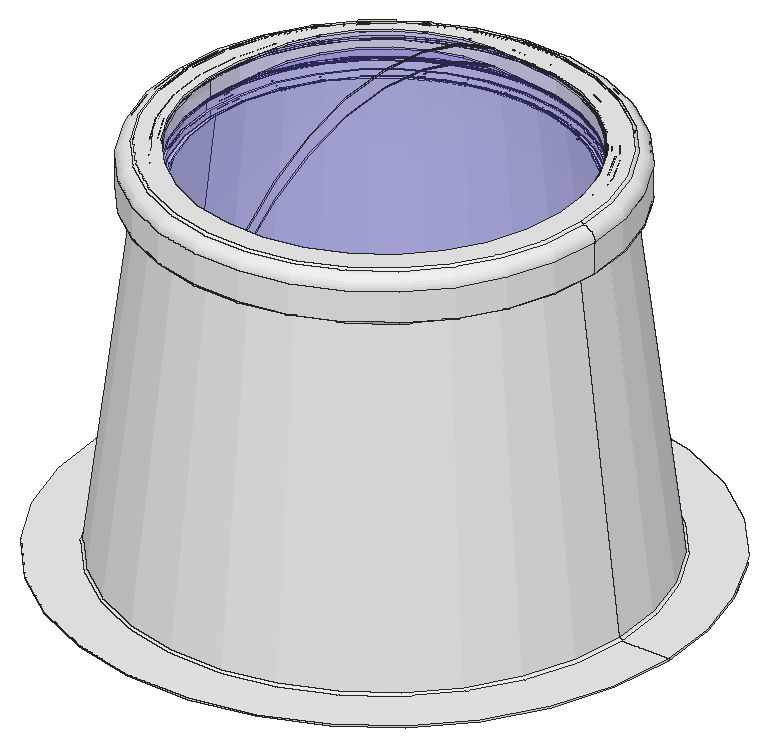
Revit family "Windows_Roof-Windows_Lamilux_F100_Round-Rooflight-Dome_Decke", category Fenster, Revit 2019
Family settings
  Basisbauteil = Geschossdecke
  Immer vertikal = Ja
  Beim Laden mit Abzugskörper schneiden = Ja
  Gemeinsam genutzt = Nein
  Raumberechnungspunkt = Nein
Parameters (values of type "90x70")
  Weight Net (kg) = 0
  Uniformat II Description = ""
  Uniformat II Code = ""
  Uniclass 2015 Name = "Glass unite masonry roof light systems"
  Uniclass 2015 Code = "Ss_30_30_34"
  Uniclass 2.0 Description = "Roof Light Systems"
  Uniclass 2.0 Code = "SS-20-30-74"
  Uniclass 1.4 Description = "Rooflights/Roof windows"
  Uniclass 1.4 Code = "JL11"
  URL = "https://www.lamilux.de/tageslichtsysteme/produkte/lichtkuppel.html#c17014"
  UNSPSC Code = "301516"
  Sound insulation (dB) [instance] = 24  # constant formula
  Single Operator [instance] = and(Operator Visibility, Breite < 1500 mm)  # no
  Secondary Material = Lamilux- Glass
  Rough Height = Höhe  # 700 mm
  Region South America = "All"
  Region Oceania = "All"
  Region North America = "All"
  Region Middle East = "All"
  Region Europe = "All"
  Region Asia = "All"
  Region Antarctica = "All"
  Region Africa = "All"
  QR code = "https://www.bimobject.com/de/lamilux/product/lamilux_f100_round_rooflight_dome"
  Product group = "Flat roof window"
  Product family = "Daylight element"
  Product SKU = "Lamilux_F100_round_rooflight_dome"
  Option 9 = Material : SAN + PC16
  Option 8 = Material : PETG
  Option 7 = Material : SAN
  Option 6 = External Glazing : Heatstop
  Option 5 = External Glazing : Opal
  Option 4 = External Glazing : Clear
  Option 3 = Glazing : Double glazing+PC16
  Option 2 = Glazing : Triple glazing
  Option 17 = Mid Glazing : None
  Option 16 = Mid Glazing : Opal
  Option 15 = Internal Glazing : PC16 opal
  Option 14 = Internal Glazing : PC16 clear
  Option 13 = Internal Glazing : Opal
  Option 12 = Internal Glazing : Clear
  Option 11 = Mid Glazing : Clear
  Option 10 = Material : PETG + PC16
  Option 1 = Glazing : Double glazing
  Operator Visibility [instance] = Opening Type = Opening Types Option 1  # no
  Opening types = "Ventilable, fixed"
  Opening Types Option 1 [instance] = Opening Type : Air Opening
  Opening Type [instance] = Opening Type : Fixed
  OmniClass Description = "Skylights"
  OmniClass Code = "23-17 17 00"
  Nominal width = Breite  # 900 mm
  Nominal hight = Höhe  # 700 mm
  NBS Reference Description = "Roof Light Systems"
  NBS Reference Code = "20-30-74"
  Mid glazing [instance] = Mid Glazing : None
  Material secondary = "Plastic"
  Material Main = "Plastic"
  Material [instance] = Material : SAN
  Masterformat 2014 Description = ""
  Masterformat 2014 Code = ""
  Manufacturer name = "LAMILUX"
  Manufacturer country = "Germany"
  Main Material = Lamilux-White
  Light transmission (%) [instance] = if(and(Glass Type = Option 1, Material = Option 7, External glazing = Option 5, Mid glazing = Option 17, Internal glazing = Option 13), "70", if(and(Glass Type = Option 1, Material = Option 7, External glazing = Option 5, Mid glazing = Option 17, Internal glazing = Option 12), "78", if(and(Glass Type = Option 1, Material = Option 7, External glazing = Option 4, Mid glazing = Option 17, Internal glazing = Option 13), "86", if(and(Glass Type = Option 1, Material = Option 7, External glazing = Option 6, Mid glazing = Option 17, Internal glazing = Option 13), "49", if(and(Glass Type = Option 1, Material = Option 7, External glazing = Option 6, Mid glazing = Option 17, Internal glazing = Option 12), "54", if(and(Glass Type = Option 1, Material = Option 8, External glazing = Option 5, Mid glazing = Option 17, Internal glazing = Option 13), "56", if(and(Glass Type = Option 1, Material = Option 8, External glazing = Option 5, Mid glazing = Option 17, Internal glazing = Option 12), "66", if(and(Glass Type = Option 1, Material = Option 8, External glazing = Option 4, Mid glazing = Option 17, Internal glazing = Option 12), "77", if(and(Glass Type = Option 2, Material = Option 7, External glazing = Option 5, Mid glazing = Option 16, Internal glazing = Option 13), "59", if(and(Glass Type = Option 2, Material = Option 7, External glazing = Option 5, Mid glazing = Option 11, Internal glazing = Option 13), "66", if(and(Glass Type = Option 2, Material = Option 7, External glazing = Option 5, Mid glazing = Option 11, Internal glazing = Option 12), "73", if(and(Glass Type = Option 2, Material = Option 7, External glazing = Option 4, Mid glazing = Option 11, Internal glazing = Option 12), "80", if(and(Glass Type = Option 2, Material = Option 7, External glazing = Option 6, Mid glazing = Option 16, Internal glazing = Option 13), "41", if(and(Glass Type = Option 2, Material = Option 7, External glazing = Option 6, Mid glazing = Option 11, Internal glazing = Option 13), "45", if(and(Glass Type = Option 2, Material = Option 7, External glazing = Option 6, Mid glazing = Option 11, Internal glazing = Option 12), "50", if(and(Glass Type = Option 2, Material = Option 8, External glazing = Option 5, Mid glazing = Option 16, Internal glazing = Option 13), "42", if(and(Glass Type = Option 2, Material = Option 8, External glazing = Option 5, Mid glazing = Option 11, Internal glazing = Option 13), "50", if(and(Glass Type = Option 2, Material = Option 8, External glazing = Option 5, Mid glazing = Option 11, Internal glazing = Option 12), "58", if(and(Glass Type = Option 2, Material = Option 8, External glazing = Option 4, Mid glazing = Option 11, Internal glazing = Option 12), "68", if(and(Glass Type = Option 3, Material = Option 9, External glazing = Option 5, Mid glazing = Option 11, Internal glazing = Option 15), "39", if(and(Glass Type = Option 3, Material = Option 9, External glazing = Option 4, Mid glazing = Option 11, Internal glazing = Option 14), "53", if(and(Glass Type = Option 3, Material = Option 9, External glazing = Option 5, Mid glazing = Option 11, Internal glazing = Option 14), "50", if(and(Glass Type = Option 3, Material = Option 10, External glazing = Option 5, Mid glazing = Option 11, Internal glazing = Option 15), "32", if(and(Glass Type = Option 3, Material = Option 10, External glazing = Option 4, Mid glazing = Option 11, Internal glazing = Option 14), "45", if(and(Glass Type = Option 3, Material = Option 10, External glazing = Option 5, Mid glazing = Option 11, Internal glazing = Option 14), "39", "Not available")))))))))))))))))))))))))  # "78"
  Internal glazing [instance] = Internal Glazing : Clear
  Internal Radius = Breite / 2  # 450 mm
  IFC Classification = "Window"
  Höhe = 700 mm
  Hersteller = "LAMILUX Heinrich Strunz GmbH"
  Heat transmission (W/(m²K)) [instance] = if(and(Glass Type = Option 1, Material = Option 7, External glazing = Option 5, Mid glazing = Option 17, Internal glazing = Option 13), "2.3", if(and(Glass Type = Option 1, Material = Option 7, External glazing = Option 5, Mid glazing = Option 17, Internal glazing = Option 12), "2.3", if(and(Glass Type = Option 1, Material = Option 7, External glazing = Option 4, Mid glazing = Option 17, Internal glazing = Option 13), "2.3", if(and(Glass Type = Option 1, Material = Option 7, External glazing = Option 6, Mid glazing = Option 17, Internal glazing = Option 13), "2.3", if(and(Glass Type = Option 1, Material = Option 7, External glazing = Option 6, Mid glazing = Option 17, Internal glazing = Option 12), "2.3", if(and(Glass Type = Option 1, Material = Option 8, External glazing = Option 5, Mid glazing = Option 17, Internal glazing = Option 13), "2.3", if(and(Glass Type = Option 1, Material = Option 8, External glazing = Option 5, Mid glazing = Option 17, Internal glazing = Option 12), "2.3", if(and(Glass Type = Option 1, Material = Option 8, External glazing = Option 4, Mid glazing = Option 17, Internal glazing = Option 12), "2.3", if(and(Glass Type = Option 2, Material = Option 7, External glazing = Option 5, Mid glazing = Option 16, Internal glazing = Option 13), "1.6", if(and(Glass Type = Option 2, Material = Option 7, External glazing = Option 5, Mid glazing = Option 11, Internal glazing = Option 13), "1.6", if(and(Glass Type = Option 2, Material = Option 7, External glazing = Option 5, Mid glazing = Option 11, Internal glazing = Option 12), "1.6", if(and(Glass Type = Option 2, Material = Option 7, External glazing = Option 4, Mid glazing = Option 11, Internal glazing = Option 12), "1.6", if(and(Glass Type = Option 2, Material = Option 7, External glazing = Option 6, Mid glazing = Option 16, Internal glazing = Option 13), "1.6", if(and(Glass Type = Option 2, Material = Option 7, External glazing = Option 6, Mid glazing = Option 11, Internal glazing = Option 13), "1.6", if(and(Glass Type = Option 2, Material = Option 7, External glazing = Option 6, Mid glazing = Option 11, Internal glazing = Option 12), "1.6", if(and(Glass Type = Option 2, Material = Option 8, External glazing = Option 5, Mid glazing = Option 16, Internal glazing = Option 13), "1.4", if(and(Glass Type = Option 2, Material = Option 8, External glazing = Option 5, Mid glazing = Option 11, Internal glazing = Option 13), "1.4", if(and(Glass Type = Option 2, Material = Option 8, External glazing = Option 5, Mid glazing = Option 11, Internal glazing = Option 12), "1.4", if(and(Glass Type = Option 2, Material = Option 8, External glazing = Option 4, Mid glazing = Option 11, Internal glazing = Option 12), "1.4", if(and(Glass Type = Option 3, Material = Option 9, External glazing = Option 5, Mid glazing = Option 11, Internal glazing = Option 15), "1.2", if(and(Glass Type = Option 3, Material = Option 9, External glazing = Option 4, Mid glazing = Option 11, Internal glazing = Option 14), "1.2", if(and(Glass Type = Option 3, Material = Option 9, External glazing = Option 5, Mid glazing = Option 11, Internal glazing = Option 14), "1.2", if(and(Glass Type = Option 3, Material = Option 10, External glazing = Option 5, Mid glazing = Option 11, Internal glazing = Option 15), "1.3", if(and(Glass Type = Option 3, Material = Option 10, External glazing = Option 4, Mid glazing = Option 11, Internal glazing = Option 14), "1.3", if(and(Glass Type = Option 3, Material = Option 10, External glazing = Option 5, Mid glazing = Option 11, Internal glazing = Option 14), "1.3", "Not available")))))))))))))))))))))))))  # "2.3"
  Glass Type [instance] = Glazing : Double glazing
  External glazing [instance] = External Glazing : Opal
  Energy transmission (%) [instance] = if(and(Glass Type = Option 1, Material = Option 7, External glazing = Option 5, Mid glazing = Option 17, Internal glazing = Option 13), "70", if(and(Glass Type = Option 1, Material = Option 7, External glazing = Option 5, Mid glazing = Option 17, Internal glazing = Option 12), "78", if(and(Glass Type = Option 1, Material = Option 7, External glazing = Option 4, Mid glazing = Option 17, Internal glazing = Option 13), "86", if(and(Glass Type = Option 1, Material = Option 7, External glazing = Option 6, Mid glazing = Option 17, Internal glazing = Option 13), "37", if(and(Glass Type = Option 1, Material = Option 7, External glazing = Option 6, Mid glazing = Option 17, Internal glazing = Option 12), "41", if(and(Glass Type = Option 1, Material = Option 8, External glazing = Option 5, Mid glazing = Option 17, Internal glazing = Option 13), "56", if(and(Glass Type = Option 1, Material = Option 8, External glazing = Option 5, Mid glazing = Option 17, Internal glazing = Option 12), "66", if(and(Glass Type = Option 1, Material = Option 8, External glazing = Option 4, Mid glazing = Option 17, Internal glazing = Option 12), "77", if(and(Glass Type = Option 2, Material = Option 7, External glazing = Option 5, Mid glazing = Option 16, Internal glazing = Option 13), "59", if(and(Glass Type = Option 2, Material = Option 7, External glazing = Option 5, Mid glazing = Option 11, Internal glazing = Option 13), "66", if(and(Glass Type = Option 2, Material = Option 7, External glazing = Option 5, Mid glazing = Option 11, Internal glazing = Option 12), "73", if(and(Glass Type = Option 2, Material = Option 7, External glazing = Option 4, Mid glazing = Option 11, Internal glazing = Option 12), "80", if(and(Glass Type = Option 2, Material = Option 7, External glazing = Option 6, Mid glazing = Option 16, Internal glazing = Option 13), "31", if(and(Glass Type = Option 2, Material = Option 7, External glazing = Option 6, Mid glazing = Option 11, Internal glazing = Option 13), "34", if(and(Glass Type = Option 2, Material = Option 7, External glazing = Option 6, Mid glazing = Option 11, Internal glazing = Option 12), "38", if(and(Glass Type = Option 2, Material = Option 8, External glazing = Option 5, Mid glazing = Option 16, Internal glazing = Option 13), "42", if(and(Glass Type = Option 2, Material = Option 8, External glazing = Option 5, Mid glazing = Option 11, Internal glazing = Option 13), "50", if(and(Glass Type = Option 2, Material = Option 8, External glazing = Option 5, Mid glazing = Option 11, Internal glazing = Option 12), "58", if(and(Glass Type = Option 2, Material = Option 8, External glazing = Option 4, Mid glazing = Option 11, Internal glazing = Option 12), "68", if(and(Glass Type = Option 3, Material = Option 9, External glazing = Option 5, Mid glazing = Option 11, Internal glazing = Option 15), "39", if(and(Glass Type = Option 3, Material = Option 9, External glazing = Option 4, Mid glazing = Option 11, Internal glazing = Option 14), "53", if(and(Glass Type = Option 3, Material = Option 9, External glazing = Option 5, Mid glazing = Option 11, Internal glazing = Option 14), "50", if(and(Glass Type = Option 3, Material = Option 10, External glazing = Option 5, Mid glazing = Option 11, Internal glazing = Option 15), "33", if(and(Glass Type = Option 3, Material = Option 10, External glazing = Option 4, Mid glazing = Option 11, Internal glazing = Option 14), "44", if(and(Glass Type = Option 3, Material = Option 10, External glazing = Option 5, Mid glazing = Option 11, Internal glazing = Option 14), "38", "Not available")))))))))))))))))))))))))  # "78"
  Edition number = "1"
  Double Operator [instance] = and(Operator Visibility, Breite > 1499.9 mm)  # no
  Design country = "Germany"
  Date of publishing = "2020-04-27"
  COBle Type Category = ""
  Building material class [instance] = if(and(Glass Type = Option 1, Material = Option 7, External glazing = Option 5, Mid glazing = Option 17, Internal glazing = Option 13), "B2", if(and(Glass Type = Option 1, Material = Option 7, External glazing = Option 5, Mid glazing = Option 17, Internal glazing = Option 12), "B2", if(and(Glass Type = Option 1, Material = Option 7, External glazing = Option 4, Mid glazing = Option 17, Internal glazing = Option 13), "B2", if(and(Glass Type = Option 1, Material = Option 7, External glazing = Option 6, Mid glazing = Option 17, Internal glazing = Option 13), "B2", if(and(Glass Type = Option 1, Material = Option 7, External glazing = Option 6, Mid glazing = Option 17, Internal glazing = Option 12), "B2", if(and(Glass Type = Option 1, Material = Option 8, External glazing = Option 5, Mid glazing = Option 17, Internal glazing = Option 13), "B1/ B2", if(and(Glass Type = Option 1, Material = Option 8, External glazing = Option 5, Mid glazing = Option 17, Internal glazing = Option 12), "B1", if(and(Glass Type = Option 1, Material = Option 8, External glazing = Option 4, Mid glazing = Option 17, Internal glazing = Option 12), "B1", if(and(Glass Type = Option 2, Material = Option 7, External glazing = Option 5, Mid glazing = Option 16, Internal glazing = Option 13), "B2", if(and(Glass Type = Option 2, Material = Option 7, External glazing = Option 5, Mid glazing = Option 11, Internal glazing = Option 13), "B2", if(and(Glass Type = Option 2, Material = Option 7, External glazing = Option 5, Mid glazing = Option 11, Internal glazing = Option 12), "B2", if(and(Glass Type = Option 2, Material = Option 7, External glazing = Option 4, Mid glazing = Option 11, Internal glazing = Option 12), "B2", if(and(Glass Type = Option 2, Material = Option 7, External glazing = Option 6, Mid glazing = Option 16, Internal glazing = Option 13), "B2", if(and(Glass Type = Option 2, Material = Option 7, External glazing = Option 6, Mid glazing = Option 11, Internal glazing = Option 13), "B2", if(and(Glass Type = Option 2, Material = Option 7, External glazing = Option 6, Mid glazing = Option 11, Internal glazing = Option 12), "B2", if(and(Glass Type = Option 2, Material = Option 8, External glazing = Option 5, Mid glazing = Option 16, Internal glazing = Option 13), "B1/ B2", if(and(Glass Type = Option 2, Material = Option 8, External glazing = Option 5, Mid glazing = Option 11, Internal glazing = Option 13), "B1/ B2", if(and(Glass Type = Option 2, Material = Option 8, External glazing = Option 5, Mid glazing = Option 11, Internal glazing = Option 12), "B1/ B2", if(and(Glass Type = Option 2, Material = Option 8, External glazing = Option 4, Mid glazing = Option 11, Internal glazing = Option 12), "B1/ B2", if(and(Glass Type = Option 3, Material = Option 9, External glazing = Option 5, Mid glazing = Option 11, Internal glazing = Option 15), "B2", if(and(Glass Type = Option 3, Material = Option 9, External glazing = Option 4, Mid glazing = Option 11, Internal glazing = Option 14), "B2", if(and(Glass Type = Option 3, Material = Option 9, External glazing = Option 5, Mid glazing = Option 11, Internal glazing = Option 14), "B2", if(and(Glass Type = Option 3, Material = Option 10, External glazing = Option 5, Mid glazing = Option 11, Internal glazing = Option 15), "B2", if(and(Glass Type = Option 3, Material = Option 10, External glazing = Option 4, Mid glazing = Option 11, Internal glazing = Option 14), "B2", if(and(Glass Type = Option 3, Material = Option 10, External glazing = Option 5, Mid glazing = Option 11, Internal glazing = Option 14), "B2", "Not available")))))))))))))))))))))))))  # "B2"
  Breite = 900 mm
  Brand URL = "https://www.lamilux.de/"
  Baugruppenkennzeichen = "B3020110"
  BIMobject categroy = "Roof Windows"
Types (22, lengths in mm): name | Rough Height | Nominal width | Nominal hight | Internal Radius | Höhe | Breite
  (no name) | 700 | 900 | 700 | 450 | 700 | 900
  100x30 | 300 | 1000 | 300 | 500 | 300 | 1000
  100x50 | 500 | 1000 | 500 | 500 | 500 | 1000
  100x70 | 700 | 1000 | 700 | 500 | 700 | 1000
  120x30 | 300 | 1200 | 300 | 600 | 300 | 1200
  120x50 | 500 | 1200 | 500 | 600 | 500 | 1200
  120x70 | 700 | 1200 | 700 | 600 | 700 | 1200
  150x30 | 300 | 1500 | 300 | 750 | 300 | 1500
  150x50 | 500 | 1500 | 500 | 750 | 500 | 1500
  150x70 | 700 | 1500 | 700 | 750 | 700 | 1500
  180x30 | 300 | 1800 | 300 | 900 | 300 | 1800
  180x50 | 500 | 1800 | 500 | 900 | 500 | 1800
  180x70 | 700 | 1800 | 700 | 900 | 700 | 1800
  60x30 | 300 | 600 | 300 | 300 | 300 | 600
  60x50 | 500 | 600 | 500 | 300 | 500 | 600
  60x70 | 700 | 600 | 700 | 300 | 700 | 600
  80x30 | 300 | 800 | 300 | 400 | 300 | 800
  80x50 | 500 | 800 | 500 | 400 | 500 | 800
  80x70 | 700 | 800 | 700 | 400 | 700 | 800
  90x30 | 300 | 900 | 300 | 450 | 300 | 900
  90x50 | 500 | 900 | 500 | 450 | 500 | 900
  90x70 | 700 | 900 | 700 | 450 | 700 | 900
Reference planes
  plane 1 "Mitte (Vorne/hinten)": y = 0
  plane 2: z = 0
  plane 3 "Mitte (Links/rechts)": x = 0
  plane 4: x = -450
  plane 5: z = 700
Forms (mm)
  Extrusion 1, void
    sketch origin (0, 0, 0) x (1, 0, 0) y (0, 1, 0)
      loop
        circle (0, 0) r 450
    from -479.781 to 245.792
Dimensions and locks
  "Internal Radius": plane 4 to plane 3 "Mitte (Links/rechts)"
  "Höhe": plane 5 to plane 2
  "Internal Radius": plane 3 "Mitte (Links/rechts)" to nested 3
  "Internal Radius": plane 3 "Mitte (Links/rechts)" to nested 4
  "Internal Radius": radius of Extrusion 1 sketch curve
  aligned and locked: level to plane 2
  aligned and locked: plane 3 "Mitte (Links/rechts)" to nested 1
  aligned and locked: plane 1 "Mitte (Vorne/hinten)" to nested 1
  aligned and locked: nested 1 to plane 2
  aligned and locked: plane 4 to nested 2
  aligned and locked: nested 1 to nested 2
Automatic sketch dimensions
  plane 1 "Mitte (Vorne/hinten)" to Extrusion 1 sketch curve = 0 mm
  Extrusion 1 sketch curve to plane 3 "Mitte (Links/rechts)" = 0 mm
Nested families
  nested 1: "Window" at (0, 0, 0), type "Window"
    with Outside radius Glass Outside 568 mm, Outside radius Glass Internal 540 mm, Internal Radius 450 mm, Inside Radius Glass Outside 565 mm, Inside Radius Glass Internal 537 mm, Höhe 700 mm, Glass Radius Up 390 mm, Glass Radius Down 389 mm, Coarse Radius 504 mm
  nested 2: "Operator" at (-450, 0, -0.24), visible <- "Single Operator", type "Operator", detail levels fine
    with Operator hand angle 84.31°, Height 700 mm, H700 yes, H500 no, Angle 82.67°
  nested 3: "Operator" at (-395.795, 214.167, 0) x (0.8746, -0.4848, 0) z (0, 0, 1), visible <- "Double Operator", type "Operator", detail levels fine
    with Operator hand angle 84.31°, Height 700 mm, H700 yes, H500 no, Angle 82.67°
  nested 4: "Operator" at (-402.966, -201.229, 0) x (0.8746, 0.4848, 0) z (0, 0, 1), visible <- "Double Operator", type "Operator", detail levels fine
    with Operator hand angle 84.31°, Height 700 mm, H700 yes, H500 no, Angle 82.67°
Definition of nested family "Window"
  Parameters (values of type "Window")
    Secondary Material = none
    Outside radius Glass Outside = Outside radius Glass Internal + 28 mm  # 898 mm
    Outside radius Glass Internal = if(Internal Radius = 900 mm, Internal Radius + 750 mm, if(Internal Radius = 750 mm, Internal Radius + 380 mm, if(Internal Radius = 600 mm, Internal Radius + 270 mm, if(Internal Radius = 500 mm, Internal Radius + 110 mm, if(Internal Radius = 450 mm, Internal Radius + 90 mm, if(Internal Radius = 400 mm, Internal Radius + 20 mm, Internal Radius))))))  # 870 mm
    Main Material = none
    Internal Radius = 600 mm
    Inside Radius Glass Outside = Outside radius Glass Outside - 3 mm  # 895 mm
    Inside Radius Glass Internal = Outside radius Glass Internal - 3 mm  # 867 mm
    Height = 500 mm
    Glass Radius Up = Internal Radius - 60 mm  # 540 mm
    Glass Radius Down = Internal Radius - 61 mm  # 539 mm
    Coarse Radius = Internal Radius + 54 mm  # 654 mm
    Analytic Construction = "<None>"
  Reference planes
    plane 1 "Center (Front/Back)": y = 0
    plane 2: z = 0
    plane 3 "Center (Left/Right)": x = 0
    plane 4: z = 500
    plane 5: z = 531.72
    plane 6: z = 570.48
    plane 7: z = 564.48
  Forms (mm)
    Sweep 1, solid, material <- "Main Material", detail levels fine
      path origin (0, 0, 0) x (1, 0, 0) y (0, 1, 0)
        loop
          circle (0, 0) r 600
      profile origin (0, 600, 0) x (0, -1, 0) y (0, 0, 1)
        loop
          line (40, 502.48) -> (49, 502.48) -> (49, 497.198) -> (47.75, 497.198) -> (47.75, 496.313)
          arc (47.75, 496.313) -> (47.896, 495.959) -> (48.25, 495.813) r 0.5
          line (48.25, 495.813) -> (50, 495.813)
          arc (50, 495.813) -> (50.354, 495.959) -> (50.5, 496.313) r 0.5
          line (50.5, 496.313) -> (50.5, 502.48) -> (64.5, 502.48) -> (64.5, 496.313)
          arc (64.5, 496.313) -> (64.646, 495.959) -> (65, 495.813) r 0.5
          line (65, 495.813) -> (66.75, 495.813)
          arc (66.75, 495.813) -> (67.104, 495.959) -> (67.25, 496.313) r 0.5
          line (67.25, 496.313) -> (67.25, 497.198) -> (66, 497.198) -> (66, 502.48) -> (75, 502.48) -> (75, 497.198) -> (73.75, 497.198) -> (73.75, 496.313)
          arc (73.75, 496.313) -> (73.896, 495.959) -> (74.25, 495.813) r 0.5
          line (74.25, 495.813) -> (76.5, 495.813)
          arc (76.5, 495.813) -> (76.854, 495.959) -> (77, 496.313) r 0.5
          line (77, 496.313) -> (77, 507.98) -> (73.5, 507.98) -> (73.5, 505.48) -> (69.471, 505.48) -> (69.471, 525.48) -> (74.358, 525.48) -> (76.962, 527.98) -> (76.962, 529.681) -> (75.958, 529.681) -> (75.958, 530.68) -> (60.962, 530.68) -> (60.962, 529.68) -> (60, 529.68) -> (60, 527.28) -> (52.818, 527.28) -> (55.462, 539.72) -> (55.462, 559.104) -> (56.462, 559.104) -> (56.462, 569.48)
          arc (56.462, 569.48) -> (56.608, 569.833) -> (56.962, 569.98) r 0.5
          line (56.962, 569.98) -> (63.747, 569.98) -> (63.747, 568.98) -> (69.75, 568.98) -> (69.75, 569.98) -> (76.462, 569.98) -> (76.462, 572.984) -> (30.207, 572.984)
          arc (30.207, 572.984) -> (27.203, 572.179) -> (25.005, 569.98) r 6.006
          arc (25.005, 569.98) -> (7.326, 562.657) -> (0.003, 544.978) r 25.002
          line (0.003, 544.978) -> (0.003, 485.48)
          arc (0.003, 485.48) -> (1.502, 483.982) -> (3, 485.48) r 1.498
          line (3, 485.48) -> (3, 502.48) -> (38.5, 502.48) -> (38.5, 496.313)
          arc (38.5, 496.313) -> (38.646, 495.959) -> (39, 495.813) r 0.5
          line (39, 495.813) -> (40.75, 495.813)
          arc (40.75, 495.813) -> (41.104, 495.959) -> (41.25, 496.313) r 0.5
          line (41.25, 496.313) -> (41.25, 497.198) -> (40, 497.198) -> (40, 502.48)
        loop
          line (52.962, 539.803) -> (52.962, 559.604) -> (52.962, 569.98) -> (30.212, 569.98)
          arc (30.212, 569.98) -> (28.712, 569.578) -> (27.614, 568.48) r 3
          arc (27.614, 568.48) -> (26.626, 567.445) -> (25.272, 566.98) r 3.026
          arc (25.272, 566.98) -> (9.54, 560.463) -> (3.023, 544.731) r 22.249
          line (3.023, 544.731) -> (3.023, 505.48) -> (66.5, 505.48) -> (66.5, 527.22) -> (63.5, 527.22) -> (63.5, 524.78) -> (49.769, 524.78) -> (52.962, 539.803)
    Extrusion 2, solid, material <- "Main Material", detail levels coarse
      sketch origin (0, 0, 0) x (1, 0, 0) y (0, 1, 0)
        loop
          circle (0, 0) r 654
      from 0 to 570.48
    Sweep 3, solid, material <- "Main Material", detail levels medium
      path origin (0, 0, 0) x (1, 0, 0) y (0, 1, 0)
        loop
          circle (0, 0) r 600
      profile origin (0, 600, 0) x (0, -1, 0) y (0, 0, 1)
        loop
          line (86.177, 500) -> (84.05, 500) -> (79.861, 489.193)
          arc (79.861, 489.193) -> (78.024, 486.875) -> (75.199, 486) r 5
          line (75.199, 486) -> (33.142, 486)
          arc (33.142, 486) -> (30.158, 485.011) -> (28.353, 482.437) r 5
          line (28.353, 482.437) -> (-54.796, 0) -> (0, 0) -> (86.177, 500)
    Sweep 4, solid, material <- "Main Material", detail levels fine
      path origin (0, 0, 0) x (1, 0, 0) y (0, 1, 0)
        loop
          circle (0, 0) r 540
      profile origin (0, 540, 0) x (0, -1, 0) y (0, 0, 1)
        loop
          line (16.462, 565.98) -> (-1.538, 565.98) -> (-1.538, 533.68) -> (16.462, 533.68) -> (16.462, 565.98)
    Revolve 5, solid, material <- "Secondary Material", detail levels fine
      sketch origin (0, 0, 0) x (0, 1, 0) y (0, 0, 1)
        loop
          arc (0, 705.249) -> (274.866, 660.538) -> (521.378, 530.992) r 867
          line (521.378, 530.992) -> (540, 530.992) -> (540, 533.68) -> (522.632, 533.68)
          arc (522.632, 533.68) -> (275.471, 663.255) -> (0, 707.91) r 870
          line (0, 707.91) -> (0, 705.249)
        axis (0, 707.91) -> (0, 530.992)
      angle from 0 to 360
    Revolve 6, solid, material <- "Main Material", detail levels medium
      sketch origin (0, 0, 0) x (0, 1, 0) y (0, 0, 1)
        loop
          line (600, 483.883) -> (600, 545.001)
          arc (600, 545.001) -> (592.682, 562.667) -> (575.016, 569.984) r 24.984
          arc (575.016, 569.984) -> (572.844, 572.141) -> (569.886, 572.929) r 5.941
          line (569.886, 572.929) -> (0, 572.929) -> (0, 483.883) -> (600, 483.883)
        axis (0, 572.929) -> (0, 483.883)
      angle from 0 to 360
    Revolve 7, solid, material <- "Secondary Material", detail levels fine
      sketch origin (0, 0, 0) x (0, 1, 0) y (0, 0, 1)
        loop
          arc (521.753, 568.98) -> (274.969, 698.183) -> (0, 742.766) r 870
          line (0, 742.766) -> (0, 739.699)
          arc (0, 739.699) -> (274.421, 695.129) -> (520.62, 565.98) r 866.868
          line (520.62, 565.98) -> (540, 565.98) -> (540, 568.98) -> (521.753, 568.98)
        axis (0, 742.766) -> (0, 565.98)
      angle from 0 to 360
    Revolve 8, solid, material <- "Main Material", detail levels medium
      sketch origin (0, 0, 0) x (0, 1, 0) y (0, 0, 1)
        loop
          arc (521.753, 568.98) -> (274.969, 698.183) -> (0, 742.766) r 870
          line (0, 742.766) -> (0, 739.699)
          arc (0, 739.699) -> (274.421, 695.129) -> (520.62, 565.98) r 866.868
          line (520.62, 565.98) -> (540, 565.98) -> (540, 568.98) -> (521.753, 568.98)
        axis (0, 742.766) -> (0, 565.98)
      angle from 0 to 360
    Sweep 9, solid, material <- "Main Material", detail levels fine
      path origin (0, 0, 0) x (1, 0, 0) y (0, 1, 0)
        loop
          circle (0, 0) r 600
      profile origin (0, 600, 0) x (0, -1, 0) y (0, 0, 1)
        loop
          line (90, 500) -> (87.873, 500) -> (85.036, 489.675)
          arc (85.036, 489.675) -> (83.246, 487.024) -> (80.215, 486) r 5
          line (80.215, 486) -> (36.793, 486)
          arc (36.793, 486) -> (33.585, 484.836) -> (31.872, 481.886) r 5
          line (31.872, 481.886) -> (-53.412, 8.047)
          arc (-53.412, 8.047) -> (-55.109, 5.111) -> (-58.287, 3.933) r 5
          line (-58.287, 3.933) -> (-157.875, 3) -> (-157.875, 0) -> (0.007, 0) -> (90, 500)
  Dimensions and locks
    "Height": plane 4 to level
    plane 6 to plane 5 to plane 4 = 38.76 mm, 31.72 mm locked
    locked: plane 6 to plane 7 at 6
    locked: Sweep 1 sketch curve to plane 4 at 2.48
    Sweep 4 sketch curve to plane 4 = 33.68 mm
    locked: Sweep 4 sketch curve to Sweep 4 sketch curve at 32.3
    locked: Sweep 4 sketch curve to Sweep 4 sketch curve at 18
    "Glass Radius Up": Revolve 5 sketch curve to Revolve 5 sketch curve
    plane 4 to Revolve 6 sketch curve = 16.117 mm
    "Internal Radius": Revolve 6 sketch curve to plane 1 "Center (Front/Back)"
    locked: Revolve 6 sketch curve to Revolve 6 sketch curve at 89.046
    locked: plane 4 to Revolve 6 at 16.117  (x2)
    locked: Sweep 4 to Revolve 7 sketch curve at 3
    "Glass Radius Up": Revolve 7 sketch curve to plane 1 "Center (Front/Back)"
    locked: Sweep 4 to Revolve 5 sketch curve at 2.688
    "Glass Radius Up": Revolve 8 sketch curve to plane 1 "Center (Front/Back)"
    locked: Sweep 3 sketch curve to Sweep 3 sketch curve at 54
    locked: Sweep 9 sketch curve to profile plane at 157.875
    locked: Sweep 9 sketch curve to Sweep 9 sketch curve at 54
    locked: Sweep 9 sketch curve to plane 4 at 14
    "Internal Radius": radius of Sweep 1 sketch curve
    "Coarse Radius": radius of Extrusion 2 sketch curve
    "Internal Radius": radius of Sweep 3 sketch curve
    radius of Sweep 3 sketch curve = 5 mm  (x2)
    "Glass Radius Up": radius of Sweep 4 sketch curve
    "Inside Radius Glass Internal": radius of Revolve 5 sketch curve
    "Outside radius Glass Internal": radius of Revolve 5 sketch curve
    "Outside radius Glass Internal": radius of Revolve 7 sketch curve
    "Outside radius Glass Internal": radius of Revolve 8 sketch curve
    "Internal Radius": radius of Sweep 9 sketch curve
    radius of Sweep 9 sketch curve = 5 mm  (x2)
    aligned and locked: level to plane 2
    aligned and locked: Extrusion 2 to plane 6
    aligned and locked: Sweep 3 sketch curve to plane 4
    aligned and locked: Sweep 3 sketch curve to Extrusion 2
    aligned and locked: plane 1 "Center (Front/Back)" to Revolve 5 sketch curve  (x2)
    aligned and locked: plane 1 "Center (Front/Back)" to Revolve 6 sketch curve
    aligned and locked: Revolve 6 sketch curve to plane 1 "Center (Front/Back)"
    aligned and locked: Sweep 4 to Revolve 5 sketch curve
    aligned and locked: Revolve 7 sketch curve to plane 1 "Center (Front/Back)"  (x2)
    aligned and locked: plane 4 to Sweep 9 sketch curve
  Automatic sketch dimensions
    Sweep 1 sketch curve to profile plane = 0.003 mm
    Sweep 1 sketch curve to Sweep 1 sketch curve = 1.498 mm
    Sweep 1 sketch curve to Sweep 1 sketch curve = 0.023 mm
    Sweep 1 sketch curve to profile plane = 24.993 mm
    Sweep 1 sketch curve to Sweep 1 sketch curve = 21.982 mm
    Sweep 1 sketch curve to Sweep 1 sketch curve = 0.267 mm
    Sweep 1 sketch curve to Sweep 1 sketch curve = 5.202 mm
    Sweep 1 sketch curve to Sweep 1 sketch curve = 0.005 mm
    Sweep 1 sketch curve to Sweep 1 sketch curve = 35.5 mm
    Sweep 1 sketch curve to Sweep 1 sketch curve = 0.5 mm  (x10)
    Sweep 1 sketch curve to Sweep 1 sketch curve = 1 mm  (x4)
    Sweep 1 sketch curve to Sweep 1 sketch curve = 0.75 mm  (x4)
    Sweep 1 sketch curve to Sweep 1 sketch curve = 6.5 mm  (x2)
    Sweep 1 sketch curve to Sweep 1 sketch curve = 0.769 mm
    Sweep 1 sketch curve to Sweep 1 sketch curve = 1.5 mm  (x3)
    Sweep 1 sketch curve to Sweep 1 sketch curve = 3.049 mm
    Sweep 1 sketch curve to Sweep 1 sketch curve = 22.75 mm
    Sweep 1 sketch curve to Sweep 1 sketch curve = 2.5 mm  (x4)
    Sweep 1 sketch curve to Sweep 1 sketch curve = 3.5 mm  (x2)
    Sweep 1 sketch curve to Sweep 1 sketch curve = 7.182 mm
    Sweep 1 sketch curve to Sweep 1 sketch curve = 0.962 mm
    Sweep 1 sketch curve to Sweep 1 sketch curve = 6.785 mm
    Sweep 1 sketch curve to Sweep 1 sketch curve = 14 mm
    Sweep 1 sketch curve to Sweep 1 sketch curve = 3 mm  (x4)
    Sweep 1 sketch curve to Sweep 1 sketch curve = 2.971 mm
    Sweep 1 sketch curve to Sweep 1 sketch curve = 6.003 mm
    Sweep 1 sketch curve to Sweep 1 sketch curve = 4.029 mm
    Sweep 1 sketch curve to Sweep 1 sketch curve = 4.888 mm
    Sweep 1 sketch curve to Sweep 1 sketch curve = 1.599 mm
    Sweep 1 sketch curve to Sweep 1 sketch curve = 6.712 mm
    Sweep 1 sketch curve to Sweep 1 sketch curve = 1.004 mm
    Sweep 1 sketch curve to Sweep 1 sketch curve = 0 mm  (x3)
    Sweep 1 sketch curve to Sweep 1 sketch curve = 5.281 mm  (x4)
    Sweep 1 sketch curve to Sweep 1 sketch curve = 0.886 mm  (x4)
    Sweep 1 sketch curve to Sweep 1 sketch curve = 17 mm
    Sweep 1 sketch curve to Sweep 1 sketch curve = 22.3 mm
    Sweep 1 sketch curve to Sweep 1 sketch curve = 0.7 mm
    Sweep 1 sketch curve to Sweep 1 sketch curve = 2.44 mm
    Sweep 1 sketch curve to Sweep 1 sketch curve = 2.4 mm
    Sweep 1 sketch curve to Sweep 1 sketch curve = 1.702 mm
    Sweep 1 sketch curve to Sweep 1 sketch curve = 9.123 mm
    Sweep 1 sketch curve to Sweep 1 sketch curve = 39.251 mm
    Sweep 1 sketch curve to Sweep 1 sketch curve = 0.247 mm
    Sweep 1 sketch curve to Sweep 1 sketch curve = 19.301 mm
    Sweep 1 sketch curve to Sweep 1 sketch curve = 0.001 mm  (x2)
    Sweep 1 sketch curve to Sweep 1 sketch curve = 9.876 mm
    Sweep 1 sketch curve to Sweep 1 sketch curve = 0.013 mm
    Sweep 1 sketch curve to Sweep 1 sketch curve = 0.083 mm
    Sweep 3 sketch curve to profile plane = 0 mm
    Sweep 3 sketch curve to Sweep 3 sketch curve = 4.789 mm
    Sweep 3 sketch curve to Sweep 3 sketch curve = 10.978 mm
    Sweep 3 sketch curve to Sweep 3 sketch curve = 4.662 mm
    Sweep 3 sketch curve to Sweep 3 sketch curve = 2.126 mm
    profile plane to Sweep 4 sketch curve = 1.538 mm
    Sweep 3 sketch curve to profile plane = 28.353 mm
    Sweep 3 sketch curve to Sweep 3 sketch curve = 19 mm
    Sweep 9 sketch curve to level = 0 mm
    level to Sweep 9 sketch curve = 8.933 mm
    level to Sweep 9 sketch curve = 3.933 mm
    Sweep 9 sketch curve to Sweep 9 sketch curve = 0.046 mm
    level to Sweep 9 sketch curve = 8.047 mm
    Sweep 9 sketch curve to profile plane = 31.872 mm
    Sweep 9 sketch curve to Sweep 9 sketch curve = 9.785 mm
    Sweep 9 sketch curve to Sweep 9 sketch curve = 4.821 mm
    Sweep 9 sketch curve to Sweep 9 sketch curve = 2.126 mm
    level to Sweep 9 sketch curve = 3 mm
    Sweep 9 sketch curve to Sweep 9 sketch curve = 0.886 mm
    profile plane to Sweep 9 sketch curve = 58.333 mm
    plane 1 "Center (Front/Back)" to Sweep 1 sketch curve = 0 mm
    Sweep 1 sketch curve to plane 3 "Center (Left/Right)" = 0 mm
    plane 1 "Center (Front/Back)" to Extrusion 2 sketch curve = 0 mm
    Extrusion 2 sketch curve to plane 3 "Center (Left/Right)" = 0 mm
    plane 1 "Center (Front/Back)" to Sweep 3 sketch curve = 0 mm
    Sweep 3 sketch curve to plane 3 "Center (Left/Right)" = 0 mm
    plane 1 "Center (Front/Back)" to Sweep 4 sketch curve = 0 mm
    Sweep 4 sketch curve to plane 3 "Center (Left/Right)" = 0 mm
    Revolve 5 sketch curve to plane 1 "Center (Front/Back)" = 0 mm
    Revolve 5 sketch curve to plane 1 "Center (Front/Back)" = 0.038 mm
    Revolve 5 sketch curve to plane 1 "Center (Front/Back)" = 0.325 mm
    Revolve 5 sketch curve to Revolve 5 sketch curve = 18.622 mm
    Revolve 5 sketch curve to Revolve 5 sketch curve = 1.253 mm
    Revolve 5 sketch curve to level = 1.486 mm
    Revolve 5 sketch curve to Revolve 5 sketch curve = 1853.55 mm
    plane 7 to Revolve 6 sketch curve = 2.508 mm
    Revolve 6 sketch curve to Revolve 6 sketch curve = 30.114 mm
    plane 5 to Revolve 6 sketch curve = 13.281 mm
    Revolve 6 sketch curve to level = 520.992 mm
    Revolve 6 sketch curve to Revolve 6 sketch curve = 2368.545 mm
    Revolve 7 sketch curve to plane 1 "Center (Front/Back)" = 0.038 mm  (x2)
    plane 7 to Revolve 7 sketch curve = 1.5 mm
    Revolve 7 sketch curve to Revolve 7 sketch curve = 19.38 mm
    Revolve 7 sketch curve to Revolve 7 sketch curve = 1.133 mm
    Revolve 7 sketch curve to Revolve 7 sketch curve = 0.066 mm
    Revolve 7 sketch curve to Revolve 7 sketch curve = 6.979 mm
    Revolve 7 sketch curve to Revolve 7 sketch curve = 2223.052 mm
    Revolve 8 sketch curve to plane 1 "Center (Front/Back)" = 0 mm  (x2)
    Revolve 8 sketch curve to plane 1 "Center (Front/Back)" = 0.038 mm  (x2)
    plane 7 to Revolve 8 sketch curve = 1.5 mm
    Revolve 8 sketch curve to Revolve 8 sketch curve = 19.38 mm
    Revolve 8 sketch curve to plane 6 = 1.5 mm
    Revolve 8 sketch curve to Revolve 8 sketch curve = 1.133 mm
    Revolve 8 sketch curve to Revolve 8 sketch curve = 0.066 mm
    Revolve 8 sketch curve to Revolve 8 sketch curve = 6.979 mm
    Revolve 8 sketch curve to Revolve 8 sketch curve = 2223.052 mm
    plane 1 "Center (Front/Back)" to Sweep 9 sketch curve = 0 mm
    Sweep 9 sketch curve to plane 3 "Center (Left/Right)" = 0 mm
Definition of nested family "Operator"
  Parameters (values of type "Operator")
    Operator hand angle = if(Height = 300 mm, 73.64°, if(Height = 500 mm, 81.20°, 84.31°))  # 81.20°
    Main Material = none
    Height = 500 mm
    H700 = Height = 700 mm  # no
    H500 = Height = 500 mm  # yes
    H300 = Height = 300 mm  # no
    Angle = if(Height = 300 mm, 72.57°, if(Height = 500 mm, 79.80°, 82.67°))  # 79.80°
  Reference planes
    plane 1 "Center (Front/Back)": y = 0
    plane 2: z = 0
    plane 3 "Center (Left/Right)": x = 0
    plane 4: z = 500
    plane 5: z = 483.02
    plane 6: x = 106
  Forms (mm)
    Extrusion 1, solid, material <- "Main Material"
      sketch origin (0, 0, 0) x (0, 1, 0) y (0, 0, 1)
        loop
          line (4, 478.02) -> (10, 478.02) -> (10, 498.02) -> (25, 498.02) -> (25, 509.02) -> (-25, 509.02) -> (-25, 498.02) -> (-10, 498.02) -> (-10, 478.02) -> (-4, 478.02) -> (-4, 496.52) -> (4, 496.52) -> (4, 478.02)
      from 98 to 114
    Extrusion 2, solid, material <- "Main Material"
      sketch origin (0, 0, 0) x (0, 1, 0) y (0, 0, 1)
        loop
          line (47.436, 525.02) -> (-47.436, 525.02) -> (-47.436, 505.48) -> (-32.206, 505.48) -> (-32.206, 509.02) -> (32.206, 509.02) -> (32.206, 505.48) -> (47.436, 505.48) -> (47.436, 525.02)
      from 67.785 to 98
    Extrusion 3, solid, material <- "Main Material"
      sketch origin (49.478, 0, -2.031) x (1, 0, 0) y (0, 0, 1)
        loop
          circle (56.541, 485.14) r 2.5
      from -12 to 12.22
    Revolve 4, solid, material <- "Main Material"
      sketch origin (106, 0, 483.02) x (0.152986, 0, -0.988228) y (0.988228, 0, 0.152986)
        loop
          line (41.268, 17.5) -> (41.268, 11) -> (38.268, 9) -> (36.118, 9) -> (35.268, 7.5) -> (34.036, 7.5) -> (34.036, 8.7) -> (32.724, 10.972) -> (30.818, 10.972) -> (29.506, 8.7) -> (29.506, 7.5) -> (16.268, 7.5) -> (16.268, 5.8) -> (15.863, 6.5) -> (12.672, 6.5) -> (12.268, 5.8) -> (12.268, 4) -> (6.601, 4) -> (5.958, 3.55) -> (-6.335, 3.55)
          arc (-6.335, 3.55) -> (-7.042, 1.837) -> (-7.287, 0) r 7.174
          line (-7.287, 0) -> (586.03, 0) -> (586.03, 17.5) -> (41.268, 17.5)
        axis (-7.287, 0) -> (586.03, 0)
      angle from 0 to 360
    Sweep 5, solid, material <- "Main Material"
      path origin (106, 0, 483.02) x (0.152986, 0, -0.988228) y (0.988228, 0, 0.152986)
        loop
          line (41.268, 0) -> (586.03, 0)
      profile origin (153.984, 0, 173.063) x (0.988228, 0, 0.152986) y (0, -1, 0)
        loop
          line (-21.752, -19.339) -> (-19.776, -19.339) -> (-19.776, -17.812) -> (-13.109, -17.812) -> (-13.109, -19.339) -> (-11.752, -19.339) -> (-11.752, 19.339) -> (-13.109, 19.339) -> (-13.109, 17.812) -> (-19.776, 17.812) -> (-19.776, 19.339) -> (-21.752, 19.339) -> (-21.752, -19.339)
  Cuts and joins
    joined: Revolve 4, Sweep 5
  Lines and regions (mm)
    reference lines
      curve 1: line (0, 0, 0) -> (84.115, 0, 467.493)
      curve 2: line (106, 0, 483.02) -> (147.306, 0, 216.198)
  Dimensions and locks
    "Height": plane 4 to level
    locked: plane 4 to plane 5 at 16.98
    locked: plane 6 to plane 3 "Center (Left/Right)" at 106
    "Angle": angle level to curve 1
    "Operator hand angle": angle curve 2 to plane 5
    aligned and locked: level to plane 2
    aligned and locked: plane 2 to curve 1
    aligned and locked: plane 3 "Center (Left/Right)" to curve 1
    aligned and locked: plane 5 to curve 2
    aligned and locked: plane 6 to curve 2
    aligned and locked: Revolve 4 sketch curve to curve 2
    aligned and locked: curve 2 to Sweep 5 sketch curve
  Automatic sketch dimensions
    plane 4 to Extrusion 1 sketch curve = 9.02 mm
    plane 1 "Center (Front/Back)" to Extrusion 1 sketch curve = 25 mm
    Extrusion 1 sketch curve to plane 4 = 1.98 mm  (x2)
    plane 1 "Center (Front/Back)" to Extrusion 1 sketch curve = 10 mm
    plane 1 "Center (Front/Back)" to Extrusion 1 sketch curve = 4 mm
    Extrusion 1 sketch curve to plane 1 "Center (Front/Back)" = 4 mm
    Extrusion 1 sketch curve to Extrusion 1 sketch curve = 6 mm
    Extrusion 1 sketch curve to Extrusion 1 sketch curve = 15 mm
    Extrusion 1 sketch curve to plane 4 = 3.48 mm
    plane 5 to Extrusion 1 sketch curve = 5 mm  (x2)
    plane 1 "Center (Front/Back)" to Extrusion 2 sketch curve = 47.436 mm
    Extrusion 2 sketch curve to Extrusion 2 sketch curve = 15.229 mm  (x2)
    plane 4 to Extrusion 2 sketch curve = 9.02 mm
    Extrusion 2 sketch curve to plane 1 "Center (Front/Back)" = 32.206 mm
    plane 4 to Extrusion 2 sketch curve = 5.48 mm  (x2)
    Extrusion 2 sketch curve to Extrusion 2 sketch curve = 19.54 mm
    plane 6 to Extrusion 3 sketch curve = 0.019 mm
    Extrusion 3 sketch curve to plane 5 = 0.089 mm
    Revolve 4 sketch curve to curve 2 = 0 mm  (x3)
    Revolve 4 sketch curve to curve 2 = 7.287 mm
    Revolve 4 sketch curve to curve 2 = 6.335 mm
    curve 2 to Revolve 4 sketch curve = 0.02 mm
    Revolve 4 sketch curve to curve 2 = 0.112 mm
    Revolve 4 sketch curve to Revolve 4 sketch curve = 6.071 mm
    Revolve 4 sketch curve to Revolve 4 sketch curve = 0.643 mm
    Revolve 4 sketch curve to Revolve 4 sketch curve = 5.667 mm
    Revolve 4 sketch curve to curve 2 = 6.5 mm
    Revolve 4 sketch curve to Revolve 4 sketch curve = 0.404 mm  (x2)
    Revolve 4 sketch curve to Revolve 4 sketch curve = 3.192 mm
    Revolve 4 sketch curve to Revolve 4 sketch curve = 13.239 mm
    Revolve 4 sketch curve to Revolve 4 sketch curve = 1.312 mm  (x2)
    Revolve 4 sketch curve to curve 2 = 10.972 mm
    Revolve 4 sketch curve to Revolve 4 sketch curve = 1.906 mm
    Revolve 4 sketch curve to Revolve 4 sketch curve = 1.231 mm
    Revolve 4 sketch curve to Revolve 4 sketch curve = 0.851 mm
    Revolve 4 sketch curve to curve 2 = 9 mm
    Revolve 4 sketch curve to Revolve 4 sketch curve = 2.149 mm
    Revolve 4 sketch curve to Revolve 4 sketch curve = 3 mm
    Revolve 4 sketch curve to Revolve 4 sketch curve = 316.03 mm
    Revolve 4 sketch curve to Revolve 4 sketch curve = 0.45 mm
    Revolve 4 sketch curve to Revolve 4 sketch curve = 0.7 mm  (x2)
    Revolve 4 sketch curve to Revolve 4 sketch curve = 1.5 mm
    Revolve 4 sketch curve to Revolve 4 sketch curve = 1 mm
    Revolve 4 sketch curve to Revolve 4 sketch curve = 1.2 mm  (x2)
    Revolve 4 sketch curve to Revolve 4 sketch curve = 2 mm
    Revolve 4 sketch curve to curve 2 = 17.5 mm
    curve 2 to Sweep 5 sketch curve = 41.268 mm
    curve 2 to Sweep 5 sketch curve = 316.03 mm
    profile plane to Sweep 5 sketch curve = 21.752 mm
    Sweep 5 sketch curve to Sweep 5 sketch curve = 1.975 mm  (x2)
    Sweep 5 sketch curve to Sweep 5 sketch curve = 6.667 mm  (x2)
    Sweep 5 sketch curve to Sweep 5 sketch curve = 1.358 mm
    Sweep 5 sketch curve to profile plane = 19.339 mm
    Sweep 5 sketch curve to Sweep 5 sketch curve = 0 mm
    Sweep 5 sketch curve to Sweep 5 sketch curve = 1.527 mm  (x3)
    profile plane to Sweep 5 sketch curve = 17.812 mm
    radius of Extrusion 3 sketch curve = 2.5 mm
  Nested families
    nested 1: "Support" at (76.501, 0, 425.173) x (0, 1, 0) z (0.9842, 0, -0.1771), visible <- "H700", type "Support"
      with Distance 432 mm
    nested 2: "Support" at (58.792, 0, 326.753) x (0, 1, 0) z (0.9842, 0, -0.1771), visible <- "H500", type "Support"
      with Distance 432 mm
    nested 3: "Support" at (41.084, 0, 228.333) x (0, 1, 0) z (0.9842, 0, -0.1771), visible <- "H300", type "Support"
      with Distance 432 mm
  Definition of nested family "Support"
    Parameters
      Main Material = none
      Distance = 338.418 mm
      Default Elevation = 1219.2 mm
    Reference planes
      plane 1 "Center (Front/Back)": y = 0
      plane 2: z = 0
      plane 3 "Center (Left/Right)": x = 0
      plane 4: x = -30
      plane 5: x = 30
    Forms (mm)
      Extrusion 1, solid
        sketch origin (0, 0, 0) x (1, 0, 0) y (0, 1, 0)
          loop
            line (-1219.2, 1219.2) -> (-1219.2, -1219.2) -> (1219.2, -1219.2) -> (1219.2, 1219.2) -> (-1219.2, 1219.2)
        from 0 to -304.8
      Extrusion 2, solid, material <- "Main Material"
        sketch origin (0, 0, 0) x (0, 1, 0) y (0, 0, 1)
          loop
            line (-102, 3) -> (-102, 0) -> (0, 0) -> (0, 3) -> (-15, 3) -> (-15, 98)
            arc (-15, 98) -> (-26.127, 112.491) -> (-43, 105.484) r 15
            line (-43, 105.484) -> (-102, 3)
          loop
            arc (-35, 20) -> (-31.464, 21.464) -> (-30, 25) r 5
            line (-30, 25) -> (-30, 52.81)
            arc (-30, 52.81) -> (-30.949, 55.741) -> (-33.437, 57.559) r 5
            arc (-33.437, 57.559) -> (-37.546, 60.008) -> (-40.226, 63.969) r 10.992
            arc (-40.226, 63.969) -> (-44.511, 67.122) -> (-49.211, 64.631) r 5
            line (-49.211, 64.631) -> (-70.59, 27.495)
            arc (-70.59, 27.495) -> (-70.586, 22.497) -> (-66.257, 20) r 5
            line (-66.257, 20) -> (-35, 20)
          loop
            circle (-30, 83) r 5.8
          loop
            circle (-30, 98) r 5.8
        from -30 to -27
      Extrusion 3, solid, material <- "Main Material"
        sketch origin (0, 0, 0) x (0, 1, 0) y (0, 0, 1)
          loop
            line (-102, 0) -> (0, 0) -> (0, 3) -> (-15, 3) -> (-15, 98)
            arc (-15, 98) -> (-26.127, 112.491) -> (-43, 105.484) r 15
            line (-43, 105.484) -> (-102, 3) -> (-102, 0)
          loop
            arc (-35, 20) -> (-31.464, 21.464) -> (-30, 25) r 5
            line (-30, 25) -> (-30, 52.81)
            arc (-30, 52.81) -> (-30.949, 55.741) -> (-33.437, 57.559) r 5
            arc (-33.437, 57.559) -> (-37.546, 60.008) -> (-40.226, 63.969) r 10.992
            arc (-40.226, 63.969) -> (-44.511, 67.122) -> (-49.211, 64.631) r 5
            line (-49.211, 64.631) -> (-70.59, 27.495)
            arc (-70.59, 27.495) -> (-70.586, 22.497) -> (-66.257, 20) r 5
            line (-66.257, 20) -> (-35, 20)
          loop
            circle (-30, 83) r 5.8
          loop
            circle (-30, 98) r 5.8
        from 27 to 30
      Extrusion 4, solid, material <- "Main Material"
        sketch origin (0, 0, 0) x (0, 1, 0) y (0, 0, 1)
          loop
            line (0, 3) -> (-102, 3) -> (-102, 0) -> (0, 0) -> (0, 3)
        from -30 to 30
      Extrusion 5, solid, material <- "Main Material"
        sketch origin (0, 0, 0) x (0, 1, 0) y (0, 0, 1)
          loop
            line (-36.895, 67.323) -> (-32.862, 61.69) -> (-25.967, 62.367) -> (-23.105, 68.677) -> (-27.138, 74.31) -> (-34.033, 73.633) -> (-36.895, 67.323)
        from 32.5 to 36.963
      Extrusion 6, solid, material <- "Main Material"
        sketch origin (0, 0, 0) x (0, 1, 0) y (0, 0, 1)
          loop
            line (-32.862, 61.69) -> (-25.967, 62.367) -> (-23.105, 68.677) -> (-27.138, 74.31) -> (-34.033, 73.633) -> (-36.895, 67.323) -> (-32.862, 61.69)
        from -36.963 to -32.5
      Extrusion 7, solid, material <- "Main Material"
        sketch origin (0, 0, 0) x (0, 1, 0) y (0, 0, 1)
          loop
            circle (-30, 68) r 2.5
        from -37.5 to 37.5
    Cuts and joins
      joined: Extrusion 2, Extrusion 3, Extrusion 4, Extrusion 5, Extrusion 6, Extrusion 7
    Dimensions and locks
      equal spacing: plane 4, plane 3 "Center (Left/Right)", plane 5
      plane 4 to plane 5 = 60 mm
      aligned and locked: plane 2 to Extrusion 1
      aligned and locked: level to Extrusion 1
    Automatic sketch dimensions
      Extrusion 1 sketch curve to Extrusion 1 sketch curve = 2438.4 mm  (x2)
      Extrusion 2 sketch curve to Extrusion 2 sketch curve = 0 mm  (x5)
      Extrusion 2 sketch curve to level = 0 mm
      Extrusion 2 sketch curve to plane 1 "Center (Front/Back)" = 0 mm
      level to Extrusion 2 sketch curve = 3 mm  (x2)
      plane 1 "Center (Front/Back)" to Extrusion 2 sketch curve = 15 mm
      Extrusion 2 sketch curve to Extrusion 2 sketch curve = 15 mm  (x4)
      Extrusion 2 sketch curve to Extrusion 2 sketch curve = 5 mm  (x2)
      Extrusion 2 sketch curve to Extrusion 2 sketch curve = 13 mm
      Extrusion 2 sketch curve to Extrusion 2 sketch curve = 9.878 mm
      Extrusion 2 sketch curve to Extrusion 2 sketch curve = 4.333 mm  (x2)
      Extrusion 2 sketch curve to Extrusion 2 sketch curve = 31.257 mm
      level to Extrusion 2 sketch curve = 27.495 mm
      level to Extrusion 2 sketch curve = 20 mm
      Extrusion 2 sketch curve to Extrusion 2 sketch curve = 27.81 mm
      Extrusion 2 sketch curve to Extrusion 2 sketch curve = 9.326 mm
      Extrusion 2 sketch curve to Extrusion 2 sketch curve = 2.495 mm
      Extrusion 2 sketch curve to Extrusion 2 sketch curve = 15.19 mm
      Extrusion 2 sketch curve to Extrusion 2 sketch curve = 35.743 mm
      Extrusion 3 sketch curve to Extrusion 3 sketch curve = 0 mm  (x5)
      Extrusion 3 sketch curve to level = 0 mm
      Extrusion 3 sketch curve to plane 1 "Center (Front/Back)" = 0 mm
      level to Extrusion 3 sketch curve = 3 mm  (x2)
      plane 1 "Center (Front/Back)" to Extrusion 3 sketch curve = 15 mm
      plane 1 "Center (Front/Back)" to Extrusion 3 sketch curve = 30 mm
      Extrusion 3 sketch curve to Extrusion 3 sketch curve = 15 mm  (x3)
      Extrusion 3 sketch curve to Extrusion 3 sketch curve = 5 mm  (x2)
      Extrusion 3 sketch curve to Extrusion 3 sketch curve = 13 mm
      Extrusion 3 sketch curve to Extrusion 3 sketch curve = 9.878 mm
      Extrusion 3 sketch curve to Extrusion 3 sketch curve = 4.333 mm  (x2)
      Extrusion 3 sketch curve to Extrusion 3 sketch curve = 31.257 mm
      level to Extrusion 3 sketch curve = 27.495 mm
      Extrusion 3 sketch curve to Extrusion 3 sketch curve = 35.743 mm
      Extrusion 3 sketch curve to Extrusion 3 sketch curve = 7.495 mm
      Extrusion 3 sketch curve to Extrusion 3 sketch curve = 27.81 mm
      Extrusion 3 sketch curve to Extrusion 3 sketch curve = 9.326 mm
      Extrusion 3 sketch curve to Extrusion 3 sketch curve = 2.495 mm
      Extrusion 3 sketch curve to Extrusion 3 sketch curve = 15.19 mm
      Extrusion 4 sketch curve to level = 0 mm
      Extrusion 4 sketch curve to plane 1 "Center (Front/Back)" = 0 mm
      plane 1 "Center (Front/Back)" to Extrusion 4 sketch curve = 102 mm
      level to Extrusion 4 sketch curve = 3 mm
      plane 1 "Center (Front/Back)" to Extrusion 5 sketch curve = 36.895 mm
      Extrusion 5 sketch curve to Extrusion 5 sketch curve = 2.862 mm  (x2)
      Extrusion 5 sketch curve to Extrusion 5 sketch curve = 4.033 mm
      Extrusion 5 sketch curve to Extrusion 5 sketch curve = 6.895 mm  (x2)
      level to Extrusion 5 sketch curve = 61.69 mm
      Extrusion 5 sketch curve to Extrusion 5 sketch curve = 0.677 mm  (x2)
      Extrusion 5 sketch curve to Extrusion 5 sketch curve = 5.633 mm
      Extrusion 5 sketch curve to Extrusion 5 sketch curve = 6.31 mm  (x2)
      plane 1 "Center (Front/Back)" to Extrusion 6 sketch curve = 36.895 mm
      Extrusion 6 sketch curve to Extrusion 6 sketch curve = 2.862 mm  (x2)
      Extrusion 6 sketch curve to Extrusion 6 sketch curve = 4.033 mm
      Extrusion 6 sketch curve to Extrusion 6 sketch curve = 6.895 mm  (x2)
      level to Extrusion 6 sketch curve = 61.69 mm
      Extrusion 6 sketch curve to Extrusion 6 sketch curve = 0.677 mm  (x2)
      Extrusion 6 sketch curve to Extrusion 6 sketch curve = 5.633 mm
      Extrusion 6 sketch curve to Extrusion 6 sketch curve = 6.31 mm  (x2)
      plane 1 "Center (Front/Back)" to Extrusion 7 sketch curve = 30 mm
      level to Extrusion 7 sketch curve = 68 mm
      radius of Extrusion 2 sketch curve = 5.8 mm  (x2)
      radius of Extrusion 3 sketch curve = 5.8 mm  (x2)
      radius of Extrusion 7 sketch curve = 2.5 mm
